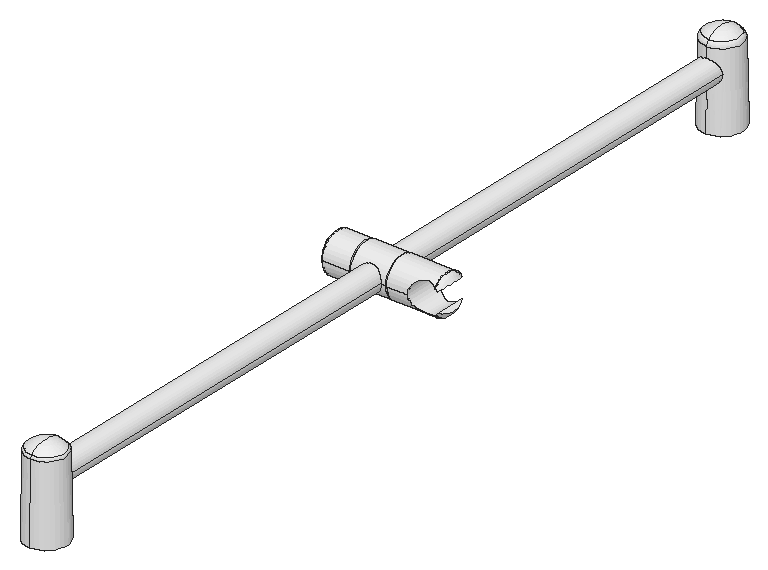
Revit family "Shower_Bar-GROHE-Euphoria-27500000", category Specialty Equipment, host Face, Revit 2014
Parameters
  cUPC Compliant = yes
  Width = 2 7/8"
  Warranty Documentation Link = "https://cdn.cloud.grohe.com/tpi/1000/1900/1940/1949/1949006/original/1949006.pdf"
  URL = "https://www.grohe.us/"
  Type Comments = ""
  Product Page URL = "https://www.grohe.us/en_us/euphoria-36-shower-bar-27500000.html"
  Price = "Prices may vary. Please consult Manufacturer Representative for most up-to-date price list."  # constant formula
  Model = "27500000"
  Material = "Metal-Grohe-000-Chrome"
  Manufacturer = "Grohe"
  Length = 3 3/16"  # constant formula
  Installation Type = "Wall Mounted"
  Height = 30 81/256"
  Finish = Metal-Grohe-000-Chrome
  Description = "Euphoria 36\" Shower Bar"
  Default Elevation = 68"  # constant formula
  Creation Date = "03/01/2017"  # constant formula
  CalGreen Compliant = yes
  Assembly Code = "D2010710"
Reference planes (in)
  plane 1 "Center (Front/Back)": y = 0
  plane 2: z = 0
  plane 3 "Center (Left/Right)": x = 0
  plane 4: x = -1.4375
  plane 5: x = 1.4375
  plane 6: z = 2.40157
  plane 7: z = 1.53543
  plane 8: z = 1.96181
  plane 9: x = -6
  plane 10: y = 15.1582
  plane 11: y = -15.1582
  plane 12: z = 3.1875
  plane 13: x = 1.9422
  plane 14: y = 0.0625
  plane 15: x = -1.44997
  plane 16: x = -0.90067
Forms (in)
  Revolve 1, solid, material "Metal-Grohe-000-Chrome" <- "Finish"
    sketch origin (0, 0, 0) x (0, 1, 0) y (0, 0, 1)
      loop
        line (15.1582, 0) -> (15.89075, 0) -> (15.84228, 2.77689)
        arc (15.84228, 2.77689) -> (15.81946, 2.87696) -> (15.75835, 2.95943) r 0.25
        arc (15.75835, 2.95943) -> (15.47921, 3.12856) -> (15.1582, 3.1875) r 0.90366
        line (15.1582, 3.1875) -> (15.1582, 0)
      axis (15.1582, 3.1875) -> (15.1582, 0)
    angle from 0 to 360
  Extrusion 2, solid, material "Metal-Grohe-000-Chrome" <- "Finish"
    sketch origin (0, 0, 0) x (1, 0, 0) y (0, 0, 1)
      loop
        circle (0, 1.96181) r 0.43977
    from -15.1582 to 15.1582
  Revolve 3, solid, material "Metal-Grohe-000-Chrome" <- "Finish"
    sketch origin (0, 0, 0) x (0, -1, 0) y (0, 0, 1)
      loop
        line (15.1582, 0) -> (15.89075, 0) -> (15.84158, 2.81713)
        arc (15.84158, 2.81713) -> (15.82928, 2.87489) -> (15.79619, 2.92382) r 0.15446
        arc (15.79619, 2.92382) -> (15.50337, 3.11898) -> (15.1582, 3.1875) r 0.90366
        line (15.1582, 3.1875) -> (15.1582, 0)
      axis (15.1582, 3.1875) -> (15.1582, 0)
    angle from 0 to 360
  Revolve 4, solid, material "Metal-Grohe-000-Chrome" <- "Finish"
    sketch origin (0, 0, 1.96181) x (1, 0, 0) y (0, 1, 0)
      loop
        line (-1.95278, 0) -> (2.64519, 0)
        arc (2.64519, 0) -> (2.54925, 0.39346) -> (2.28298, 0.6986) r 0.85482
        arc (2.28298, 0.6986) -> (2.2679, 0.70609) -> (2.25127, 0.70866) r 0.05503
        line (2.25127, 0.70866) -> (0.66339, 0.70866) -> (0.66339, 0.65724) -> (0.62621, 0.65724) -> (0.62621, 0.70866) -> (-0.62992, 0.70866) -> (-0.62992, 0.65724) -> (-0.68307, 0.65724) -> (-0.68307, 0.70866) -> (-1.64819, 0.70866)
        arc (-1.64819, 0.70866) -> (-1.66596, 0.70495) -> (-1.68075, 0.69443) r 0.04436
        arc (-1.68075, 0.69443) -> (-1.88234, 0.37291) -> (-1.95278, 0) r 1.02238
      axis (2.64519, 0) -> (-1.95278, 0)
    angle from 0 to 360
  Extrusion 5, void
    sketch origin (0, 0, 0) x (1, 0, 0) y (0, 0, 1)
      loop
        arc (2.35799, 2.30852) -> (1.39819, 1.95772) -> (2.35799, 1.60691) r 0.54401
        line (2.35799, 1.60691) -> (2.61361, 1.39125)
        arc (2.61361, 1.39125) -> (2.73029, 1.95772) -> (2.61361, 2.52419) r 1.43348
        line (2.61361, 2.52419) -> (2.35799, 2.30852)
    from -0.96532 to 1.45825
  Extrusion 6, solid, material "Metal-Grohe-000-Chrome" <- "Finish"
    sketch origin (0.15234, 0, 0) x (1, 0, 0) y (0, 0, 1)
      loop
        circle (-1.32365, 1.96181) r 0.26619
    from -0.80288 to 0
Cuts and joins
  Extrusion 5 cuts Revolve 1
  Extrusion 5 cuts Extrusion 2
  Extrusion 5 cuts Revolve 3
  Extrusion 5 cuts Revolve 4
  joined: Revolve 1, Extrusion 2, Revolve 3, Revolve 4, Extrusion 6
Lines and regions (in)
  Masking region 1
    outline origin (0, 0, 0) x (1, 0, 0) y (0, 0, 1)
      loop
        arc (2.30266, 1.25984) -> (2.41447, 1.36162) -> (2.50684, 1.48133) r 0.86429
        line (2.50684, 1.48133) -> (2.35799, 1.60691)
        arc (2.35799, 1.60691) -> (1.39819, 1.95772) -> (2.35799, 2.30852) r 0.54401
        line (2.35799, 2.30852) -> (2.49819, 2.42681)
        arc (2.49819, 2.42681) -> (2.38806, 2.56069) -> (2.25342, 2.66991) r 0.86429
        line (2.25342, 2.66991) -> (0.68955, 2.66991) -> (0.68234, 2.8763)
        arc (0.68234, 2.8763) -> (0, 3.1904) -> (-0.68234, 2.8763) r 0.89821
        line (-0.68234, 2.8763) -> (-0.68582, 2.67717) -> (-1.66732, 2.67717)
        arc (-1.66732, 2.67717) -> (-1.96264, 1.9685) -> (-1.66732, 1.25984) r 0.99793
        line (-1.66732, 1.25984) -> (-0.71056, 1.25984) -> (-0.73255, 0) -> (0.73255, 0) -> (0.71056, 1.25984) -> (2.30266, 1.25984)
  symbolic lines, detail levels medium+fine
    curve 1: line (0.68234, 0, 2.8763) -> (0.71056, 0, 1.25984)
    curve 2: line (-0.71056, 0, 1.25984) -> (-0.68582, 0, 2.67717)
    curve 3: circle (-1.17131, 0, 1.96181) r 0.26619 normal (0, -1, 0)
Dimensions and locks (in)
  equal spacing: plane 4, plane 3 "Center (Left/Right)", plane 5
  locked: plane 4 to plane 5 at 2.875
  plane 9 to plane 3 "Center (Left/Right)" = 6"
  equal spacing: plane 10, plane 1 "Center (Front/Back)", plane 11
  "Height": plane 10 to plane 11
  "Length": plane 12 to level
  locked: plane 3 "Center (Left/Right)" to plane 13 at 1.9422
  locked: plane 14 to plane 1 "Center (Front/Back)" at 0.0625
  diameter of Extrusion 2 sketch curve = 0.87953"
  aligned and locked: plane 2 to host face
  aligned and locked: level to host face
  aligned and locked: Extrusion 2 to plane 11
  aligned and locked: plane 3 "Center (Left/Right)" to Extrusion 2 sketch curve
  aligned and locked: plane 8 to Extrusion 2 sketch curve
  aligned and locked: Revolve 1 sketch curve to plane 10
  aligned and locked: plane 10 to Revolve 1 sketch curve
  aligned and locked: level to Revolve 1 sketch curve
  aligned and locked: plane 11 to Revolve 3 sketch curve
  aligned and locked: Revolve 3 sketch curve to plane 11
  aligned and locked: Revolve 3 sketch curve to level
  aligned and locked: plane 8 to cut or joined group of Revolve 1, Extrusion 2, Revolve 3, Revolve 4, Extrusion 5, Extrusion 6
  aligned and locked: cut or joined group of Revolve 1, Extrusion 2, Revolve 3, Revolve 4, Extrusion 5, Extrusion 6 to plane 10
Automatic sketch dimensions
  host sketch curve to host sketch curve = 96"  (x2)
  plane 1 "Center (Front/Back)" to Revolve 4 sketch curve = 0"  (x2)
  Revolve 4 sketch curve to plane 15 = 0.50281"
  Revolve 4 sketch curve to plane 15 = 0.19823"
  Revolve 4 sketch curve to plane 16 = 0.02973"
  plane 16 to Revolve 4 sketch curve = 0.2176"
  Revolve 4 sketch curve to Revolve 4 sketch curve = 0.05315"
  plane 3 "Center (Left/Right)" to Revolve 4 sketch curve = 0.62621"
  Revolve 4 sketch curve to Revolve 4 sketch curve = 0.03718"
  Revolve 4 sketch curve to plane 13 = 0.15183"
  plane 13 to Revolve 4 sketch curve = 0.30907"
  plane 13 to Revolve 4 sketch curve = 0.70299"
  plane 14 to Revolve 4 sketch curve = 0.59113"
  plane 14 to Revolve 4 sketch curve = 0.59474"  (x2)
  plane 14 to Revolve 4 sketch curve = 0.6018"
  Revolve 4 sketch curve to Revolve 4 sketch curve = 0.05142"  (x2)
  Revolve 4 sketch curve to Revolve 4 sketch curve = 0"
  Revolve 4 sketch curve to Revolve 4 sketch curve = 0.67466"
  Revolve 4 sketch curve to Revolve 4 sketch curve = 1/4"
  Extrusion 5 sketch curve to plane 13 = 0"
  plane 8 to Extrusion 5 sketch curve = 0.00409"  (x2)
  plane 5 to Extrusion 5 sketch curve = 0.14069"
  Extrusion 5 sketch curve to plane 6 = 0.09306"
  plane 13 to Extrusion 5 sketch curve = 0.41579"
  plane 7 to Extrusion 5 sketch curve = 0.07148"
  plane 6 to Extrusion 5 sketch curve = 0.12261"
  Extrusion 5 sketch curve to plane 7 = 0.14419"
  Extrusion 5 sketch curve to Extrusion 5 sketch curve = 0.25562"
  Extrusion 5 sketch curve to Extrusion 5 sketch curve = 0"
  Masking region 1 sketch curve to level = 0"
  Masking region 1 sketch curve to plane 3 "Center (Left/Right)" = 0"
  plane 16 to Masking region 1 sketch curve = 0.21833"
  Masking region 1 sketch curve to Masking region 1 sketch curve = 0.00348"
  plane 16 to Masking region 1 sketch curve = 0.19011"
  plane 16 to Masking region 1 sketch curve = 0.16812"
  Masking region 1 sketch curve to plane 8 = 0.00669"
  Masking region 1 sketch curve to plane 16 = 0.06404"
  Masking region 1 sketch curve to plane 12 = 0.3112"
  plane 3 "Center (Left/Right)" to Masking region 1 sketch curve = 0.68234"
  Masking region 1 sketch curve to Masking region 1 sketch curve = 0.00721"
  Masking region 1 sketch curve to plane 7 = 0.27559"  (x2)
  plane 3 "Center (Left/Right)" to Masking region 1 sketch curve = 0.71056"
  plane 5 to Masking region 1 sketch curve = 0.70495"
  plane 8 to Masking region 1 sketch curve = 0.01436"
  Masking region 1 sketch curve to plane 13 = 0.16318"
  Masking region 1 sketch curve to plane 6 = 7/64"
  Masking region 1 sketch curve to Masking region 1 sketch curve = 0.2064"
  Masking region 1 sketch curve to plane 13 = 0"
  Masking region 1 sketch curve to plane 6 = 0.09306"
  plane 8 to Masking region 1 sketch curve = 0.00409"
  plane 7 to Masking region 1 sketch curve = 0.07148"
  plane 6 to Masking region 1 sketch curve = 0.02523"
  Masking region 1 sketch curve to plane 7 = 0.05411"
  Masking region 1 sketch curve to Masking region 1 sketch curve = 0"  (x2)
  Masking region 1 sketch curve to Masking region 1 sketch curve = 0.00865"
  Masking region 1 sketch curve to Masking region 1 sketch curve = 0.20419"
  Masking region 1 sketch curve to Masking region 1 sketch curve = 0.1402"
  Masking region 1 sketch curve to plane 15 = 0.21736"  (x2)
  Extrusion 6 sketch curve to plane 8 = 0"
  plane 4 to Extrusion 6 sketch curve = 0.26619"
  curve 3 to plane 8 = 0"
  plane 4 to curve 3 = 0.26619"
  plane 16 to curve 2 = 0.19011"
  plane 16 to curve 2 = 55/256"
  curve 1 to plane 12 = 0.3112"
  plane 3 "Center (Left/Right)" to curve 1 = 0.68234"
  curve 1 to plane 7 = 0.27559"
  plane 3 "Center (Left/Right)" to curve 1 = 0.71056"
  curve 2 to plane 7 = 0.27559"
  plane 6 to curve 2 = 0.27559"
  Revolve 1 sketch curve to plane 12 = 0"
  Revolve 1 sketch curve to plane 10 = 0.43412"
  plane 6 to Revolve 1 sketch curve = 0.37532"
  Revolve 1 sketch curve to Revolve 1 sketch curve = 0.24996"
  Revolve 1 sketch curve to plane 10 = 0.73255"
  Revolve 1 sketch curve to plane 6 = 0.11774"
  Revolve 1 sketch curve to Revolve 1 sketch curve = 0.00436"
  Revolve 1 sketch curve to Revolve 1 sketch curve = 0.86707"
  Revolve 1 sketch curve to Revolve 1 sketch curve = 0.58022"
  Revolve 3 sketch curve to plane 12 = 0"
  plane 11 to Revolve 3 sketch curve = 0.52894"
  plane 12 to Revolve 3 sketch curve = 0.37037"
  Revolve 3 sketch curve to Revolve 3 sketch curve = 0.15443"
  plane 11 to Revolve 3 sketch curve = 0.73255"
  plane 6 to Revolve 3 sketch curve = 0.11774"
  Revolve 3 sketch curve to Revolve 3 sketch curve = 0.0027"
  Revolve 3 sketch curve to Revolve 3 sketch curve = 0.86707"
  Revolve 3 sketch curve to Revolve 3 sketch curve = 0.58022"
  radius of Extrusion 6 sketch curve = 0.26619"
  radius of curve 3 = 0.26619"
